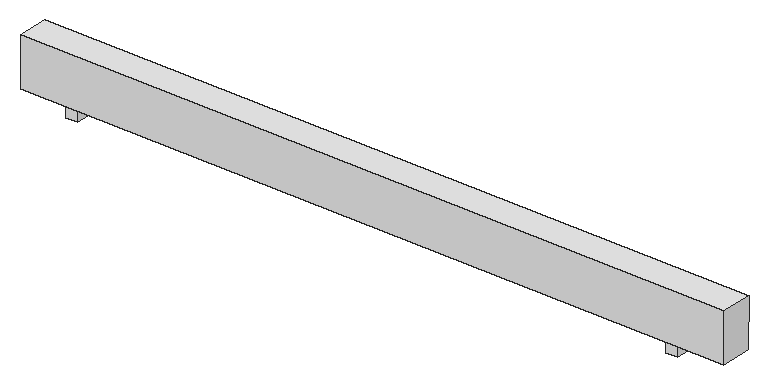
Revit family "Lighting-Linear-Acclaim-Linear One DMX Exterior", category Lighting Fixtures, host Face, Revit 2017
Family settings
  Host = Face
  Round Connector Dimension = Use Diameter
  Part Type = Normal
  Cut with Voids When Loaded = No
  Light Source = Yes
  Shared = No
  Room Calculation Point = No
Parameters (values of type "Flat Mount Glare Shield")
  Width = 2.13"
  Wattage = 9.2903 W
  built-in parameter 1150110 = 1 (stored number, unit not read)
  Voltage = 0 V
  URL = "http://www.acclaimlighting.com/"
  built-in parameter 1114217 = 1 (stored number, unit not read)
  Tilt Angle = -90.00°
  built-in parameter 1150109 = 1 (stored number, unit not read)
  built-in parameter 1150134 = 3
  built-in parameter 1150113 = 1 (stored number, unit not read)
  Power Factor = 1
  Photometric Web File = "Load File"
  Number of Poles = 1
  built-in parameter 1150142 = (empty or 0)
  Model = "Linear One"
  Manufacturer = "Acclaim Lighting"
  built-in parameter 1150105 = 109.82 (stored number, unit not read)
  Lumens = 1380 lm
  built-in parameter 1150115 = 1 (stored number, unit not read)
  built-in parameter 1150137 = (empty or 0)
  built-in parameter 1150139 = (empty or 0)
  Length = 48.00"
  built-in parameter 1150112 = 1 (stored number, unit not read)
  built-in parameter 1150114 = 1 (stored number, unit not read)
  Lamp = "LED"
  built-in parameter 1150132 = (empty or 0)
  built-in parameter 1150102 = (empty or 0)
  built-in parameter 1150107 = 3200 (stored number, unit not read)
  built-in parameter 1150138 = (empty or 0)
  built-in parameter 1150106 = 1.0982 (stored number, unit not read)
  Housing Finish = Aluminum
  Height = 3.94"
  Emit from Line Length = Length  # 48.00"
  built-in parameter 1150104 = 13.8 (stored number, unit not read)
  Dimming Lamp Color Temperature Shift = <None>
  Description = "Linear LED"
  Default Elevation = 48.00"
  Color Filter = 16777215
  built-in parameter 1114218 = 1 (stored number, unit not read)
  built-in parameter 1150133 = 10 (stored number, unit not read)
  Apparent Load = 0 VA
Types (7): name | Height
  (no name) | 3.94"
  Standard Glare Shield | 3.78"
  Standard Louver | 4.51"
  Flat Mount Glare Shield | 3.94"
  Flat Mount Louver | 3.94"
  Flat Mount | 3.19"
  Standard | 3.78"
Reference planes (in)
  plane 1 "Center (Front/Back)": y = 0
  plane 2: z = 0
  plane 3 "Center (Left/Right)": x = 0
  plane 4: x = -2.86874
  plane 5: x = -2.08749
  plane 6: x = 2.06876
  plane 7: x = 2.85001
  plane 8: z = 3.94
  plane 9: z = 2.03932
  plane 10: y = 1.065
  plane 11: y = -1.065
  plane 12: x = -24
  plane 13: x = 24
Forms (in)
  Extrusion 1, solid, material "Aluminum"
    sketch origin (0, 0, 0) x (1, 0, 0) y (0, 1, 0)
      loop
        line (-20.86874, 1.065) -> (-20.86874, -1.065) -> (-20.08749, -1.065) -> (-20.08749, 1.065) -> (-20.86874, 1.065)
    from 0 to 0.64451
  Extrusion 2, solid, material "Aluminum"
    sketch origin (0, 0, 0) x (-1, 0, 0) y (0, -1, 0)
      loop
        line (-20.86874, -1.065) -> (-20.08749, -1.065) -> (-20.08749, 1.065) -> (-20.86874, 1.065) -> (-20.86874, -1.065)
    from 0 to 0.64451
  Extrusion 3, solid, material "Aluminum"
    sketch origin (0, 0, 0) x (0, 1, 0) y (0, 0, 1)
      loop
        line (1.065, 3.94) -> (-1.065, 3.94) -> (-1.065, 0.64451) -> (1.065, 0.64451) -> (1.065, 3.94)
    from -24 to 24
Dimensions and locks (in)
  equal spacing: plane 10, plane 1 "Center (Front/Back)", plane 11
  "Width": plane 10 to plane 11
  equal spacing: plane 12, plane 3 "Center (Left/Right)", plane 13
  "Length": plane 12 to plane 13
  "Height": plane 8 to host face
  Extrusion 2 to Extrusion 2 to plane 13 = 0.78125" locked, 3.13126" locked
  plane 12 to Extrusion 1 to Extrusion 1 = 3.13126" locked, 0.78125" locked
  aligned and locked: plane 2 to host face
  aligned and locked: level to host face
  aligned and locked: plane 13 to Extrusion 3
  aligned and locked: Extrusion 3 to plane 12
  aligned and locked: imposter light to plane 8
Automatic sketch dimensions
  host sketch curve to host sketch curve = 96.00"  (x2)
  Extrusion 1 sketch curve to plane 4 = 18.00"
  Extrusion 1 sketch curve to plane 5 = 18.00"
  plane 11 to Extrusion 1 sketch curve = 0.00"
  plane 10 to Extrusion 1 sketch curve = 0.00"
  plane 11 to Extrusion 2 sketch curve = 0.00"
  plane 10 to Extrusion 2 sketch curve = 0.00"
  Extrusion 2 sketch curve to plane 7 = 18.01874"
  Extrusion 2 sketch curve to plane 6 = 18.01874"
  Extrusion 3 sketch curve to plane 8 = 0.00"
  Extrusion 3 sketch curve to plane 11 = 0.00"
  Extrusion 3 sketch curve to plane 10 = 0.00"
  level to Extrusion 3 sketch curve = 0.64451"
Connectors (in)
  electrical at (24, 0, 2.29225), driven by "Number of Poles", driven by "Voltage", driven by "Apparent Load", driven by "Power Factor"
    settings: on Extrusion 3, index 1, voltage 0 V, apparent load 0 VA, apparent load phase1 0 VA, apparent load phase2 0 VA, apparent load phase3 0 VA, power factor 1, load classification "Other", number of poles 1, system type 31, power factor state 1, is connector primary yes, connector utility no, sub classification motor no, connector description ""
